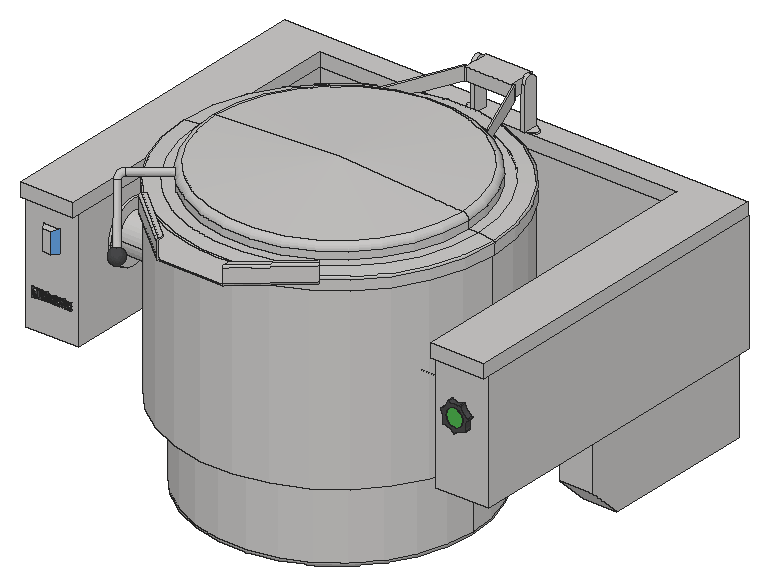
Revit family "QF_ELECTROLUXPROFESSIONAL_587193_PBOT20TWJO", category Attrezzature speciali, Revit 2020
Family settings
  Quota connettore circolare = Usa diametro
  Tipo di parte = Normale
  Basato su piano di lavoro = No
  Sempre verticale = Sì
  Taglio con vuoti quando caricato = No
  Condiviso = No
  Punto di calcolo locali = No
Parameters (values of type "Standard")
  Weight = 360.00 kg
  Watts = 200 W
  Volts = 230 V
  URL Manufacturer = "https://www.electroluxprofessional.com/"
  URL = "https://www.electroluxprofessional.com/"
  Steam Supply Size = 25.4 mm
  Steam Supply Minimum Pressure = 3.28084 Pa
  Steam Supply Maximum Pressure = 4.92126 Pa
  Steam Consumption per Hour = 85
  Refrigeration Suction Line Size = 0.0 mm
  Refrigeration Liquid Line Size = 0.0 mm
  Refrigerant Compressor Remote = yes
  Prospetto di default = 0.0 mm
  Produttore = "Electrolux Professional"
  Phase = 1
  Modello = "PBOT20TWJO"
  Length Actual = 1400.0 mm  # constant formula
  Item Number = "587193"
  Hot Water Size = 12.7 mm
  Height Actual = 400.0 mm  # constant formula
  HP = "0.3 HP"
  Gas Size = 0 mm
  Gas KW = 0
  Gas Input Pressure = 0 W
  Direct Waste Size = 0 mm
  Descrizione = "STEAM (MAN) BOILING PAN, TILTING,200L,230V,WALL,MARINE"
  Depth Actual = 1000.0 mm  # constant formula
  Cycle = 50 Hz
  Condensate Return Size = 25.4 mm
  Compressed Air Volume = 0.0 L/s
  Compressed Air Size = 0 mm
  Compressed Air Pressure = 0.0 Pa
  Cold Water Size = 12.7 mm
  Accessory = yes
Reference planes
  plane 1 "Center (Front/Back)": y = 0
  plane 2: z = 0
  plane 3 "Center (Left/Right)": x = 0
  plane 4 "LEFT": x = -700
  plane 5 "RIGHT": x = 700
  plane 6 "BACK": y = 500
  plane 7 "FRONT": y = -500
  plane 8 "Base": z = 200
  plane 9 "TOP": z = 900
  plane 10: x = -540
  plane 11: x = 540
  plane 12 "Axe_PentolaY": y = -280
  plane 13 "AxePentolaZ": z = 730
  plane 14 "PLANE_TOP": z = 860
  plane 15: y = 430
  plane 16: x = -465
  plane 17 "PentolaH1": z = 970
  plane 18 "PentolaH2": z = 430
  plane 19 "Pentola_H3": z = 160
  plane 20: x = -405
  plane 21: y = -734
  plane 22 "CentroPentolaY": y = -170
  plane 23 "TopCoperchio": z = 1071
  plane 24 "Versamento": z = 1002
  plane 25 "V1": through (-269.804, -566.187, 4000) normal (-0.7071, -0.7071, 0)
  plane 26 "V2": through (187.211, -659.95, 4000) normal (-0.6561, 0.7547, 0)
  plane 27 "Gfront": y = -1400
  plane 28 "LEVEL": through (-433.899, -446.4, 4000) normal (0.6535, 0.7569, 0)
  plane 29 "GRight": x = 250
  plane 30 "GLeft": x = -250
  plane 31: z = 2047
  plane 32 "Ribaltamento": y = -835
  plane 33: x = -620
  plane 34: x = 620
  plane 35 "AttaccoManiglia": z = 1028
  plane 36 "GBack": y = -200
  plane 37: through (0, -170, 4000) normal (0.6157, -0.788, 0)
Forms (mm)
  Revolve 1, solid, material "QF_Finishes_Stainless Steel"
    sketch origin (0, 0, 730) x (-1, 0, 0) y (0, -1, 0)
      loop
        line (540, 280) -> (-540, 280) -> (-540, 190) -> (-530, 190) -> (-530, 222) -> (530, 222) -> (530, 190) -> (540, 190) -> (540, 280)
      axis (540, 280) -> (-540, 280)
    angle from 0 to 360
  Extrusion 2, solid, material "QF_Finishes_Stainless Steel"
    sketch origin (0, 0, 860) x (-1, 0, 0) y (0, -1, 0)
      loop
        line (700, 500) -> (540, 500) -> (540, -430) -> (-540, -430) -> (-540, 500) -> (-700, 500) -> (-700, -500) -> (700, -500) -> (700, 500)
    from 0 to 40
  Extrusion 3, solid, material "QF_Finishes_Stainless Steel"
    sketch origin (0, 0, 860) x (-1, 0, 0) y (0, -1, 0)
      loop
        line (540, -430) -> (-540, -430) -> (-540, -500) -> (540, -500) -> (540, -430)
    from 0 to -360
  Revolve 4, solid, material "QF_Finishes_Stainless Steel"
    sketch origin (0, -170, 0) x (-1, 0, 0) y (0, 0, 1)
      loop
        line (0, 970) -> (0, 160)
        arc (0, 160) -> (194.987, 166.243) -> (389.172, 184.97) r 3042.07
        arc (389.172, 184.97) -> (400.002, 186.598) -> (405, 196.343) r 12
        line (405, 196.343) -> (405, 430) -> (465, 430) -> (465, 970) -> (0, 970)
      axis (0, 970) -> (0, 160)
    angle from 0 to 360
  Revolve 5, solid, material "QF_Finishes_Stainless Steel"
    sketch origin (0, -170, 0) x (-1, 0, 0) y (0, 0, 1)
      loop
        line (470, 970) -> (470, 1000.417)
        arc (470, 1000.417) -> (468.783, 1004.04) -> (465.626, 1006.193) r 6
        line (465.626, 1006.193) -> (421, 1010) -> (390, 1010) -> (390, 1031.999)
        arc (390, 1031.999) -> (384.849, 1045.397) -> (372.049, 1051.894) r 20
        arc (372.049, 1051.894) -> (186.27, 1066.22) -> (0, 1071) r 3631.929
        line (0, 1071) -> (0, 970) -> (470, 970)
      axis (0, 1071) -> (0, 970)
    angle from 0 to 360
  Extrusion 6, solid, material "QF_Finishes_Stainless Steel"
    sketch origin (0, 0, 1002) x (-1, 0, 0) y (0, -1, 0)
      loop
        line (91.591, 734) -> (-92.97, 734) -> (-268.11, 581.753) -> (-253.963, 565.478)
        arc (-253.963, 565.478) -> (0.647, 640) -> (255.051, 564.777) r 470
        line (255.051, 564.777) -> (268.273, 581.464) -> (91.591, 734)
    from 0 to 3
  Sweep 7, solid, material "QF_Finishes_Stainless Steel"
    path origin (0, 0, 1002) x (-1, 0, 0) y (0, -1, 0)
      loop
        line (-83.331, 750.252) -> (-272.008, 586.237)
    profile origin (177.669, -668.244, 1002) x (-0.656059, 0.75471, 0) y (0, 0, 1)
      loop
        arc (0, 6) -> (1.757, 1.757) -> (6, 0) r 6
        line (6, 0) -> (19, 0) -> (19, 3) -> (6, 3)
        arc (6, 3) -> (3.879, 3.879) -> (3, 6) r 3
        line (3, 6) -> (3, 50)
        arc (3, 50) -> (3.879, 52.121) -> (6, 53) r 3
        line (6, 53) -> (19, 53) -> (19, 56) -> (6, 56)
        arc (6, 56) -> (1.757, 54.243) -> (0, 50) r 6
        line (0, 50) -> (0, 6)
  Extrusion 8, solid, material "QF_Finishes_Stainless Steel"
    sketch origin (0, 0, 0) x (0, 1, 0) y (0, 0, 1)
      loop
        line (470, 900) -> (470, 1026.813)
        arc (470, 1026.813) -> (450, 1046.813) -> (430, 1026.813) r 20
        line (430, 1026.813) -> (430, 900) -> (470, 900)
    from -70 to -82
  Extrusion 9, solid, material "QF_Finishes_Stainless Steel"
    sketch origin (0, 0, 900) x (0, 1, 0) y (-1, 0, 0)
      loop
        arc (391.221, 74.165) -> (393.445, 72.322) -> (394.279, 69.557) r 5
        line (394.279, 69.557) -> (394.279, -69.557)
        arc (394.279, -69.557) -> (393.445, -72.322) -> (391.221, -74.165) r 5
        line (391.221, -74.165) -> (185.222, -160.989) -> (181.486, -168.991) -> (394.012, -78.4)
        arc (394.012, -78.4) -> (397.863, -74.931) -> (399.459, -70) r 10
        line (399.459, -70) -> (470, -70) -> (470, 70) -> (399.459, 70)
        arc (399.459, 70) -> (397.863, 74.931) -> (394.012, 78.4) r 10
        line (394.012, 78.4) -> (182.094, 167.719) -> (184.906, 161.122) -> (391.221, 74.165)
    from 102 to 141.895
  Extrusion 10, solid, material "QF_Finishes_Stainless Steel"
    sketch origin (0, 0, 0) x (0, 1, 0) y (0, 0, 1)
      loop
        line (470, 900) -> (470, 1026.813)
        arc (470, 1026.813) -> (450, 1046.813) -> (430, 1026.813) r 20
        line (430, 1026.813) -> (430, 900) -> (470, 900)
    from 70 to 82
  Extrusion 11, solid, material "QF_Finishes_Stainless Steel"
    sketch origin (0, 0, 900) x (0, 1, 0) y (-1, 0, 0)
      loop
        arc (441.973, -103.927) -> (450, -108.689) -> (458.027, -103.927) r 9.146
        line (458.027, -103.927) -> (470, -82) -> (430, -82) -> (441.973, -103.927)
      loop
        line (441.973, 103.927) -> (430, 82) -> (470, 82) -> (458.027, 103.927)
        arc (458.027, 103.927) -> (450, 108.689) -> (441.973, 103.927) r 9.146
    from 0 to 3
  Extrusion 12, solid, material "QF_Door-Drawer Clearances", detail levels coarse
    sketch origin (0, 0, 0) x (0, 1, 0) y (0, 0, 1)
      loop
        line (-734, 1008) -> (-734, 1058)
        arc (-734, 1058) -> (-830.288, 669.084) -> (-635, 319.241) r 545.673
        line (-635, 319.241) -> (-635, 970) -> (-640, 970) -> (-640, 1002) -> (-729.757, 1002)
        spline (-729.757, 1002) -> (-730.311, 1002.051) -> (-730.855, 1002.204) -> (-731.381, 1002.457) -> (-731.879, 1002.804) -> (-732.34, 1003.24) -> (-732.757, 1003.757) -> (-733.123, 1004.347) -> (-733.432, 1005) -> (-733.677, 1005.704) -> (-733.855, 1006.447) -> (-733.964, 1007.217) -> (-734, 1008)
    from -100 to 100
  Extrusion 13, void
    sketch origin (0, 0, 1002) x (-1, 0, 0) y (0, -1, 0)
      loop
        line (-100, 734) -> (100, 734) -> (100, 751.601) -> (-100, 751.601) -> (-100, 734)
    from 0 to 71
  Extrusion 14, solid, material "QF_Door-Drawer Clearances", detail levels coarse
    sketch origin (0, 0, 0) x (0, 1, 0) y (0, 0, 1)
      loop
        line (470, 1026.813) -> (470, 1056.062) -> (390.735, 1353.963)
        arc (390.735, 1353.963) -> (344.187, 1589.928) -> (267.311, 1817.823) r 1843.263
        line (267.311, 1817.823) -> (206.507, 2046.341)
        arc (206.507, 2046.341) -> (-460.593, 1748.224) -> (-734, 1070.62) r 976.38
        line (-734, 1070.62) -> (-734, 1056.062) -> (-450, 1056.062)
        arc (-450, 1056.062) -> (-169.5, 1072.082) -> (111, 1056.062) r 2463.707
        line (111, 1056.062) -> (220, 1056.062) -> (220, 1012.644) -> (430, 1012.644) -> (430, 1026.813)
        arc (430, 1026.813) -> (450, 1046.813) -> (470, 1026.813) r 20
    from -100 to 100
  Sweep 15, solid, material "QF_Finishes_Stainless Steel"
    path origin (0, 0, 1002) x (1, 0, 0) y (0, -1, 0)
      loop
        line (-83.331, 750.252) -> (-272.008, 586.237)
    profile origin (-177.669, -668.244, 1002) x (-0.656059, -0.75471, 0) y (0, 0, 1)
      loop
        line (0, 6) -> (0, 50)
        arc (0, 50) -> (-1.757, 54.243) -> (-6, 56) r 6
        line (-6, 56) -> (-19, 56) -> (-19, 53) -> (-6, 53)
        arc (-6, 53) -> (-3.879, 52.121) -> (-3, 50) r 3
        line (-3, 50) -> (-3, 6)
        arc (-3, 6) -> (-3.879, 3.879) -> (-6, 3) r 3
        line (-6, 3) -> (-19, 3) -> (-19, 0) -> (-6, 0)
        arc (-6, 0) -> (-1.757, 1.757) -> (0, 6) r 6
  Extrusion 16, void
    sketch origin (0, 0, 1002) x (-1, 0, 0) y (0, -1, 0)
      loop
        line (100, 710.586) -> (100, 733.997) -> (-100, 733.997) -> (-100, 710.586) -> (100, 710.586)
    from 0 to 56
Cuts and joins
  Extrusion 13 cuts Extrusion 6
  Extrusion 13, Extrusion 16 cuts Sweep 7
  Extrusion 13, Extrusion 16 cuts Sweep 15
  joined: Extrusion 6, Sweep 7, Sweep 15
  Extrusion 13 cuts Extrusion 12
Lines and regions (mm)
  symbolic lines
    curve 1: line (700, 500, 900) -> (-700, 500, 900)
    curve 2: line (700, -500, 900) -> (700, 500, 900)
    curve 3: line (-700, 500, 900) -> (-700, -500, 900)
    curve 4: line (-700, -500, 900) -> (-540, -500, 900)
    curve 5: line (-540, -500, 900) -> (-540, 430, 900)
    curve 6: line (540, 430, 900) -> (540, -500, 900)
    curve 7: line (540, -500, 900) -> (700, -500, 900)
    curve 8: line (-530, -190, 900) -> (-530, -370, 900)
    curve 9: line (-530, -190, 900) -> (-540, -190, 900)
    curve 10: line (-530, -370, 900) -> (-540, -370, 900)
    curve 11: line (530, -190, 900) -> (540, -190, 900)
    curve 12: line (530, -370, 900) -> (540, -370, 900)
    curve 13: line (-70, 399.459, 900) -> (-70, 470, 900)
    curve 14: line (-82, 470, 900) -> (82, 470, 900)
    curve 15: line (70, 470, 900) -> (70, 399.459, 900)
    curve 16: line (272.008, -586.237, 900) -> (102.026, -734, 900)
    curve 17: line (-103.927, 441.973, 900) -> (-82, 430, 900)
    curve 18: arc (-103.927, 458.027, 900) -> (-108.689, 450, 900) -> (-103.927, 441.973, 900) r 9.146
    curve 19: line (-82, 470, 900) -> (-103.927, 458.027, 900)
    curve 20: line (-82, 470, 900) -> (-82, 430, 900)
    curve 21: line (82, 430, 900) -> (82, 470, 900)
    curve 22: line (103.927, 458.027, 900) -> (82, 470, 900)
    curve 23: arc (103.927, 441.973, 900) -> (108.689, 450, 900) -> (103.927, 458.027, 900) r 9.146
    curve 24: line (82, 430, 900) -> (103.927, 441.973, 900)
    curve 29: line (-540, 430, 900) -> (-70, 430, 900)
    curve 30: line (540, 430, 900) -> (70, 430, 900)
    curve 31: line (-530, -222, 900) -> (-467.115, -222, 900)
    curve 32: line (-530, -338, 900) -> (-438.949, -338, 900)
    curve 33: line (530, -222, 900) -> (466.676, -222, 900)
    curve 53: line (530, -338, 900) -> (439.209, -338, 900)
    curve 55: line (530, -370, 1002) -> (530, -190, 1002)
    curve 56: circle (0, -170, 1002) r 427.847 normal (0, 0, 1)
    curve 57: arc (-70, 399.459, 1002) -> (-74.931, 397.863, 1002) -> (-78.4, 394.012, 1002) r 10
    curve 58: arc (-74.165, 391.221, 1002) -> (-72.322, 393.445, 1002) -> (-69.557, 394.279, 1002) r 5
    curve 59: arc (69.557, 394.279, 1002) -> (72.322, 393.445, 1002) -> (74.165, 391.221, 1002) r 5
    curve 60: arc (78.4, 394.012, 1002) -> (74.931, 397.863, 1002) -> (70, 399.459, 1002) r 10
    curve 61: line (-69.557, 394.279, 1002) -> (69.557, 394.279, 1002)
    curve 62: line (-160.989, 185.222, 1002) -> (-74.165, 391.221, 1002)
    curve 63: line (-78.4, 394.012, 1002) -> (-167.719, 182.094, 1002)
    curve 64: line (74.165, 391.221, 1002) -> (160.989, 185.222, 1002)
    curve 65: line (168.991, 181.486, 1002) -> (78.4, 394.012, 1002)
    curve 66: arc (470, -170, 1002) -> (0, 300, 1002) -> (-470, -170, 1002) r 470
    curve 67: circle (0, -170, 1002) r 390 normal (0, 0, 1)
    curve 68: arc (-470, -170, 1002) -> (-445.318, -320.307, 1002) -> (-373.864, -454.826, 1002) r 470
    curve 69: line (-255.051, -564.777, 1002) -> (-272.008, -586.237, 1002)
    curve 70: line (272.008, -586.237, 1002) -> (253.963, -565.478, 1002)
    curve 71: line (-272.008, -586.237, 1002) -> (-100, -734.738, 1002)
    curve 72: line (-260.216, -571.313, 1002) -> (-100, -710.586, 1002)
    curve 73: line (259.543, -571.897, 1002) -> (100, -710.586, 1002)
    curve 74: line (-100, -710.586, 1002) -> (-100, -734.738, 1002)
    curve 75: line (100, -710.586, 1002) -> (100, -733.997, 1002)
    curve 76: arc (-362.785, -468.809, 1002) -> (158.731, -612.385, 1002) -> (470, -170, 1002) r 470
  symbolic lines, style "SpecialityEquipmentHiddenLines"
    curve 25: line (-250, -1400, 900) -> (250, -1400, 900)
    curve 26: line (-250, -200, 900) -> (-250, -1400, 900)
    curve 27: line (250, -1400, 900) -> (250, -200, 900)
    curve 50: line (0, -1265.484, 900) -> (0, -1235.484, 900)
    curve 51: line (-15, -1250.484, 900) -> (15, -1250.484, 900)
    curve 54: line (250, -200, 1002) -> (-250, -200, 1002)
  symbolic lines, style "SpecialityEquipment"
    curve 28: circle (0, -1250.484, 900) r 15 normal (0, 0, 1)
    curve 34: line (210, -1400, 900) -> (210, -1200, 900)
    curve 35: line (170, -1400, 900) -> (170, -1240, 900)
    curve 36: line (130, -1400, 900) -> (130, -1280, 900)
    curve 37: line (90, -1400, 900) -> (90, -1320, 900)
    curve 38: line (90, -1360, 900) -> (250, -1360, 900)
    curve 39: line (130, -1320, 900) -> (250, -1320, 900)
    curve 40: line (170, -1280, 900) -> (250, -1280, 900)
    curve 41: line (210, -1240, 900) -> (250, -1240, 900)
    curve 42: line (-210, -1400, 900) -> (-210, -1200, 900)
    curve 43: line (-170, -1400, 900) -> (-170, -1240, 900)
    curve 44: line (-130, -1400, 900) -> (-130, -1280, 900)
    curve 45: line (-90, -1400, 900) -> (-90, -1320, 900)
    curve 46: line (-90, -1360, 900) -> (-250, -1360, 900)
    curve 47: line (-130, -1320, 900) -> (-250, -1320, 900)
    curve 48: line (-170, -1280, 900) -> (-250, -1280, 900)
    curve 49: line (-210, -1240, 900) -> (-250, -1240, 900)
    curve 52: line (-100.772, -734, 900) -> (102.026, -734, 900)
Dimensions and locks
  plane 4 "LEFT" to plane 5 "RIGHT" = 1400.0 mm
  equal spacing: plane 4 "LEFT", plane 3 "Center (Left/Right)", plane 5 "RIGHT"
  equal spacing: plane 6 "BACK", plane 1 "Center (Front/Back)", plane 7 "FRONT"
  plane 6 "BACK" to plane 7 "FRONT" = 1000.0 mm
  plane 8 "Base" to level = 200.0 mm
  plane 9 "TOP" to level = 900.0 mm
  plane 9 "TOP" to plane 8 "Base" = 700.0 mm
  locked: plane 4 "LEFT" to plane 10 at 160
  locked: plane 11 to plane 5 "RIGHT" at 160
  locked: plane 6 "BACK" to plane 12 "Axe_PentolaY" at 780
  locked: plane 13 "AxePentolaZ" to plane 8 "Base" at 530
  locked: Revolve 1 sketch curve to Revolve 1 sketch curve at 58
  locked: Revolve 1 sketch curve to Revolve 1 sketch curve at 90
  locked: plane 10 to Revolve 1 sketch curve at 10
  locked: Revolve 1 sketch curve to plane 11 at 10
  locked: plane 9 "TOP" to plane 14 "PLANE_TOP" at 40
  plane 6 "BACK" to plane 15 = 70.0 mm
  locked: plane 17 "PentolaH1" to plane 13 "AxePentolaZ" at 240
  locked: plane 13 "AxePentolaZ" to plane 18 "PentolaH2" at 300
  locked: plane 18 "PentolaH2" to plane 19 "Pentola_H3" at 270
  locked: plane 3 "Center (Left/Right)" to plane 16 at 465
  locked: plane 3 "Center (Left/Right)" to plane 20 at 405
  Revolve 5 sketch curve to plane 17 "PentolaH1" = 40.0 mm
  locked: plane 16 to Revolve 5 sketch curve at 5
  plane 6 "BACK" to plane 21 = 1234.0 mm
  locked: plane 6 "BACK" to plane 22 "CentroPentolaY" at 670
  locked: plane 23 "TopCoperchio" to plane 9 "TOP" at 171
  locked: plane 24 "Versamento" to level at 1002
  plane 6 "BACK" to plane 27 "Gfront" = 1900.0 mm
  locked: plane 30 "GLeft" to plane 3 "Center (Left/Right)" at 250
  locked: plane 3 "Center (Left/Right)" to plane 29 "GRight" at 250
  plane 31 to plane 9 "TOP" = 1147.0 mm
  plane 6 "BACK" to plane 32 "Ribaltamento" = 1335.0 mm
  equal spacing: plane 10, plane 33, plane 4 "LEFT"
  equal spacing: plane 5 "RIGHT", plane 34, plane 11
  locked: plane 35 "AttaccoManiglia" to level at 1028
  plane 6 "BACK" to plane 36 "GBack" = 700.0 mm
  aligned and locked: level to plane 2
  aligned and locked: plane 5 "RIGHT" to nested 2
  aligned and locked: plane 4 "LEFT" to nested 1
  aligned and locked: plane 6 "BACK" to nested 2
  aligned and locked: plane 6 "BACK" to nested 1
  aligned and locked: plane 10 to Revolve 1 sketch curve
  aligned and locked: plane 11 to Revolve 1 sketch curve
  aligned and locked: plane 4 "LEFT" to Extrusion 2 sketch curve
  aligned and locked: Extrusion 2 sketch curve to plane 10
  aligned and locked: plane 7 "FRONT" to Extrusion 2 sketch curve  (x2)
  aligned and locked: Extrusion 2 sketch curve to plane 5 "RIGHT"
  aligned and locked: plane 11 to Extrusion 2 sketch curve
  aligned and locked: Extrusion 2 sketch curve to plane 6 "BACK"
  aligned and locked: plane 15 to Extrusion 2 sketch curve
  aligned and locked: Extrusion 3 sketch curve to plane 10
  aligned and locked: plane 6 "BACK" to Extrusion 3 sketch curve
  aligned and locked: plane 11 to Extrusion 3 sketch curve
  aligned and locked: Extrusion 3 sketch curve to plane 15
  aligned and locked: plane 3 "Center (Left/Right)" to Revolve 4 sketch curve
  aligned and locked: Revolve 4 sketch curve to plane 20
  aligned and locked: Revolve 4 sketch curve to plane 18 "PentolaH2"
  aligned and locked: Revolve 4 sketch curve to plane 16
  aligned and locked: plane 17 "PentolaH1" to Revolve 4 sketch curve
  aligned and locked: Revolve 5 sketch curve to plane 17 "PentolaH1"
  aligned and locked: Extrusion 8 sketch curve to plane 15
  aligned and locked: Extrusion 8 sketch curve to Extrusion 2
  aligned and locked: curve 25 to plane 27 "Gfront"
  aligned and locked: curve 26 to plane 30 "GLeft"
  aligned and locked: plane 29 "GRight" to curve 27
  aligned and locked: plane 36 "GBack" to curve 54
Automatic sketch dimensions
  plane 12 "Axe_PentolaY" to Revolve 1 sketch curve = 0.0 mm
  Revolve 1 sketch curve to plane 12 "Axe_PentolaY" = 0.0 mm
  plane 36 "GBack" to Revolve 1 sketch curve = 10.0 mm
  plane 5 "RIGHT" to Revolve 1 sketch curve = 432.098 mm
  Revolve 1 sketch curve to plane 4 "LEFT" = 580.148 mm
  Revolve 4 sketch curve to plane 3 "Center (Left/Right)" = 0.0 mm
  Revolve 4 sketch curve to plane 19 "Pentola_H3" = 0.0 mm
  Revolve 4 sketch curve to plane 3 "Center (Left/Right)" = 0.201 mm
  Revolve 4 sketch curve to plane 8 "Base" = 3.657 mm
  Revolve 4 sketch curve to Revolve 4 sketch curve = 12.0 mm
  plane 31 to Revolve 4 sketch curve = 1155.07 mm
  level to Revolve 4 sketch curve = 60.0 mm
  plane 23 "TopCoperchio" to Revolve 4 sketch curve = 179.0 mm
  Extrusion 6 sketch curve to plane 21 = 0.0 mm
  Extrusion 6 sketch curve to plane 3 "Center (Left/Right)" = 0.0 mm
  plane 28 "LEVEL" to Extrusion 6 sketch curve = 6.0 mm  (x2)
  Extrusion 6 sketch curve to plane 22 "CentroPentolaY" = 0.0 mm
  plane 3 "Center (Left/Right)" to Extrusion 6 sketch curve = 92.97 mm
  plane 29 "GRight" to Extrusion 6 sketch curve = 3.963 mm
  plane 29 "GRight" to Extrusion 6 sketch curve = 18.11 mm
  Extrusion 6 sketch curve to plane 30 "GLeft" = 5.051 mm
  Extrusion 6 sketch curve to plane 30 "GLeft" = 18.273 mm
  Extrusion 6 sketch curve to Extrusion 6 sketch curve = 16.687 mm
  Sweep 7 sketch curve to plane 26 "V2" = 0.0 mm  (x2)
  plane 29 "GRight" to Sweep 7 sketch curve = 22.008 mm
  Sweep 7 sketch curve to plane 21 = 16.252 mm
  Sweep 7 sketch curve to Sweep 7 sketch curve = 0.0 mm  (x4)
  Sweep 7 sketch curve to profile plane = 0.0 mm
  plane 24 "Versamento" to Sweep 7 sketch curve = 0.0 mm
  Sweep 7 sketch curve to Sweep 7 sketch curve = 3.0 mm  (x2)
  Sweep 7 sketch curve to profile plane = 6.0 mm
  Sweep 7 sketch curve to Sweep 7 sketch curve = 13.0 mm  (x2)
  Sweep 7 sketch curve to Sweep 7 sketch curve = 44.0 mm
  Extrusion 8 sketch curve to plane 35 "AttaccoManiglia" = 1.187 mm
  Extrusion 8 sketch curve to Extrusion 8 sketch curve = 20.0 mm
  Extrusion 10 sketch curve to plane 9 "TOP" = 0.0 mm
  Extrusion 10 sketch curve to plane 15 = 0.0 mm
  Extrusion 10 sketch curve to plane 35 "AttaccoManiglia" = 1.187 mm
  Extrusion 10 sketch curve to Extrusion 10 sketch curve = 20.0 mm
  Extrusion 11 sketch curve to plane 15 = 0.0 mm  (x2)
  plane 15 to Extrusion 11 sketch curve = 11.973 mm  (x2)
  Extrusion 11 sketch curve to Extrusion 11 sketch curve = 8.027 mm  (x4)
  Extrusion 11 sketch curve to Extrusion 11 sketch curve = 11.973 mm  (x2)
  plane 3 "Center (Left/Right)" to Extrusion 11 sketch curve = 103.927 mm
  Extrusion 11 sketch curve to Extrusion 11 sketch curve = 4.383 mm  (x2)
  Extrusion 11 sketch curve to Extrusion 11 sketch curve = 21.927 mm
  Extrusion 11 sketch curve to plane 3 "Center (Left/Right)" = 82.0 mm
  Extrusion 11 sketch curve to Extrusion 11 sketch curve = 17.543 mm
  Extrusion 13 sketch curve to plane 21 = 0.0 mm
  plane 26 "V2" to Extrusion 13 sketch curve = 132.541 mm
  Extrusion 13 sketch curve to plane 25 "V1" = 142.829 mm
  Extrusion 13 sketch curve to plane 21 = 17.601 mm
  plane 30 "GLeft" to Sweep 15 sketch curve = 22.008 mm
  plane 7 "FRONT" to Sweep 15 sketch curve = 86.237 mm
  plane 21 to Sweep 15 sketch curve = 16.252 mm
  plane 3 "Center (Left/Right)" to Sweep 15 sketch curve = 83.331 mm
  Sweep 15 sketch curve to Sweep 15 sketch curve = 0.0 mm  (x4)
  plane 24 "Versamento" to Sweep 15 sketch curve = 0.0 mm
  Sweep 15 sketch curve to profile plane = 0.0 mm
  profile plane to Sweep 15 sketch curve = 3.0 mm
  Sweep 15 sketch curve to Sweep 15 sketch curve = 3.0 mm  (x2)
  Sweep 15 sketch curve to Sweep 15 sketch curve = 13.0 mm  (x2)
  Sweep 15 sketch curve to Sweep 15 sketch curve = 44.0 mm
  Revolve 5 sketch curve to plane 3 "Center (Left/Right)" = 0.0 mm  (x2)
  Revolve 5 sketch curve to plane 23 "TopCoperchio" = 0.0 mm
  plane 35 "AttaccoManiglia" to Revolve 5 sketch curve = 3.999 mm
  plane 20 to Revolve 5 sketch curve = 35.0 mm
  plane 20 to Revolve 5 sketch curve = 15.0 mm
  Revolve 5 sketch curve to plane 20 = 16.0 mm
  plane 16 to Revolve 5 sketch curve = 1.0 mm
  Revolve 5 sketch curve to plane 16 = 0.626 mm
  Revolve 5 sketch curve to level = 2560.929 mm
  Revolve 5 sketch curve to plane 24 "Versamento" = 1.583 mm
  Revolve 5 sketch curve to plane 18 "PentolaH2" = 95.0 mm
  Revolve 5 sketch curve to Revolve 5 sketch curve = 179.0 mm
  plane 30 "GLeft" to Extrusion 9 sketch curve = 82.281 mm
  Extrusion 9 sketch curve to plane 1 "Center (Front/Back)" = 182.094 mm
  plane 30 "GLeft" to Extrusion 9 sketch curve = 88.878 mm
  Extrusion 9 sketch curve to Extrusion 9 sketch curve = 2.812 mm
  Extrusion 9 sketch curve to plane 15 = 40.721 mm  (x2)
  Extrusion 9 sketch curve to Extrusion 9 sketch curve = 0.194 mm  (x2)
  Extrusion 9 sketch curve to Extrusion 9 sketch curve = 1.748 mm  (x2)
  Extrusion 9 sketch curve to Extrusion 9 sketch curve = 2.792 mm  (x2)
  Extrusion 9 sketch curve to Extrusion 9 sketch curve = 4.806 mm
  Extrusion 9 sketch curve to Extrusion 9 sketch curve = 5.181 mm  (x2)
  Extrusion 9 sketch curve to plane 6 "BACK" = 30.0 mm
  Extrusion 9 sketch curve to plane 3 "Center (Left/Right)" = 78.4 mm
  Extrusion 9 sketch curve to Extrusion 9 sketch curve = 4.235 mm
  Extrusion 9 sketch curve to plane 3 "Center (Left/Right)" = 70.0 mm
  plane 3 "Center (Left/Right)" to Extrusion 9 sketch curve = 69.49 mm
  Extrusion 9 sketch curve to Extrusion 9 sketch curve = 0.067 mm
  plane 3 "Center (Left/Right)" to Extrusion 9 sketch curve = 70.0 mm
  Extrusion 9 sketch curve to plane 1 "Center (Front/Back)" = 181.486 mm
  Extrusion 9 sketch curve to plane 29 "GRight" = 81.009 mm
  Extrusion 9 sketch curve to Extrusion 9 sketch curve = 3.736 mm
  Extrusion 9 sketch curve to plane 29 "GRight" = 89.011 mm
  Extrusion 12 sketch curve to plane 21 = 0.0 mm
  Extrusion 12 sketch curve to plane 24 "Versamento" = 0.0 mm
  Extrusion 12 sketch curve to plane 17 "PentolaH1" = 0.0 mm
  plane 21 to Extrusion 12 sketch curve = 4.243 mm
  plane 21 to Extrusion 12 sketch curve = 94.0 mm
  Extrusion 12 sketch curve to Extrusion 12 sketch curve = 5.0 mm
  Extrusion 12 sketch curve to plane 12 "Axe_PentolaY" = 9.45 mm
  plane 13 "AxePentolaZ" to Extrusion 12 sketch curve = 11.561 mm
  plane 24 "Versamento" to Extrusion 12 sketch curve = 6.0 mm
  plane 8 "Base" to Extrusion 12 sketch curve = 119.241 mm
  Extrusion 14 sketch curve to plane 21 = 0.0 mm
  Extrusion 14 sketch curve to plane 15 = 0.0 mm
  Extrusion 14 sketch curve to plane 27 "Gfront" = 37.099 mm
  Extrusion 14 sketch curve to plane 23 "TopCoperchio" = 14.938 mm  (x3)
  plane 7 "FRONT" to Extrusion 14 sketch curve = 50.0 mm
  plane 22 "CentroPentolaY" to Extrusion 14 sketch curve = 0.5 mm
  Extrusion 14 sketch curve to plane 31 = 0.659 mm
  Extrusion 14 sketch curve to plane 23 "TopCoperchio" = 0.38 mm
  Extrusion 14 sketch curve to Extrusion 14 sketch curve = 22.38 mm
  Extrusion 14 sketch curve to plane 35 "AttaccoManiglia" = 1.187 mm
  Extrusion 14 sketch curve to Extrusion 14 sketch curve = 20.0 mm
  plane 24 "Versamento" to Extrusion 14 sketch curve = 10.644 mm
  Extrusion 14 sketch curve to level = 1391.625 mm
  plane 23 "TopCoperchio" to Extrusion 14 sketch curve = 44.965 mm
  Extrusion 14 sketch curve to plane 15 = 162.689 mm
  Extrusion 14 sketch curve to plane 15 = 39.265 mm
  Extrusion 14 sketch curve to plane 1 "Center (Front/Back)" = 206.507 mm
  plane 23 "TopCoperchio" to Extrusion 14 sketch curve = 282.963 mm
  curve 56 to curve 67 = 0.0 mm
  curve 56 to curve 68 = 0.0 mm
  curve 66 to curve 67 = 0.0 mm
  curve 67 to curve 68 = 0.0 mm
  curve 66 to plane 22 "CentroPentolaY" = 0.0 mm
  curve 70 to plane 26 "V2" = 0.0 mm
  curve 54 to plane 29 "GRight" = 0.0 mm
  curve 56 to plane 3 "Center (Left/Right)" = 0.0 mm
  curve 54 to plane 30 "GLeft" = 0.0 mm
  curve 65 to plane 15 = 35.988 mm
  plane 3 "Center (Left/Right)" to curve 65 = 78.4 mm
  curve 60 to curve 64 = 4.235 mm
  curve 59 to curve 59 = 4.607 mm
  curve 59 to curve 60 = 0.067 mm
  curve 57 to plane 3 "Center (Left/Right)" = 69.49 mm
  curve 57 to curve 61 = 0.067 mm
  curve 62 to plane 15 = 38.779 mm
  curve 57 to curve 62 = 4.675 mm
  curve 63 to plane 15 = 35.988 mm
  curve 62 to curve 63 = 4.235 mm
  plane 21 to curve 72 = 23.414 mm
  curve 72 to plane 3 "Center (Left/Right)" = 100.0 mm
  curve 69 to plane 30 "GLeft" = 22.008 mm
  curve 61 to curve 62 = 3.058 mm
  curve 60 to curve 64 = 2.792 mm
  curve 57 to curve 58 = 0.194 mm
  curve 60 to curve 59 = 0.194 mm
  curve 71 to plane 7 "FRONT" = 86.237 mm
  curve 74 to plane 21 = 0.738 mm
  plane 29 "GRight" to curve 70 = 3.963 mm
  curve 73 to curve 70 = 5.58 mm
  curve 70 to curve 73 = 12.465 mm
  curve 55 to plane 11 = 10.0 mm
  curve 65 to plane 29 "GRight" = 81.009 mm
  curve 65 to curve 64 = 8.002 mm
  plane 21 to curve 75 = 0.003 mm
  plane 3 "Center (Left/Right)" to curve 75 = 100.0 mm
  plane 21 to curve 73 = 23.414 mm
  curve 60 to curve 61 = 0.443 mm
  curve 61 to curve 57 = 0.443 mm
  plane 30 "GLeft" to curve 62 = 89.011 mm
  curve 62 to curve 63 = 6.73 mm
  curve 69 to plane 30 "GLeft" = 5.051 mm
  curve 69 to curve 72 = 5.164 mm
  curve 64 to plane 1 "Center (Front/Back)" = 185.222 mm
  plane 36 "GBack" to curve 55 = 10.0 mm
  curve 55 to plane 12 "Axe_PentolaY" = 90.0 mm
  plane 21 to Extrusion 16 sketch curve = 23.414 mm
  plane 3 "Center (Left/Right)" to Extrusion 16 sketch curve = 100.0 mm
  plane 21 to Extrusion 16 sketch curve = 0.003 mm
  Extrusion 16 sketch curve to plane 3 "Center (Left/Right)" = 100.0 mm
  curve 56 to curve 66 = 0.0 mm
  curve 56 to curve 76 = 0.0 mm
  plane 7 "FRONT" to curve 76 = 31.191 mm
  curve 76 to curve 68 = 11.079 mm
  curve 50 to plane 3 "Center (Left/Right)" = 0.0 mm
  curve 28 to plane 3 "Center (Left/Right)" = 0.0 mm
  curve 52 to plane 21 = 0.0 mm
  curve 16 to plane 26 "V2" = 0.0 mm
  curve 6 to plane 7 "FRONT" = 0.0 mm
  curve 4 to plane 4 "LEFT" = 0.0 mm
  curve 4 to plane 7 "FRONT" = 0.0 mm
  curve 10 to plane 10 = 0.0 mm
  curve 12 to plane 11 = 0.0 mm
  curve 27 to plane 36 "GBack" = 0.0 mm
  curve 26 to plane 36 "GBack" = 0.0 mm
  curve 6 to plane 15 = 0.0 mm
  curve 29 to plane 15 = 0.0 mm
  curve 2 to plane 5 "RIGHT" = 0.0 mm
  curve 2 to plane 6 "BACK" = 0.0 mm
  curve 52 to plane 26 "V2" = 0.0 mm
  plane 28 "LEVEL" to curve 52 = 0.0 mm
  plane 27 "Gfront" to curve 28 = 149.516 mm
  plane 10 to curve 10 = 10.0 mm
  curve 10 to plane 12 "Axe_PentolaY" = 90.0 mm
  plane 36 "GBack" to curve 9 = 10.0 mm
  plane 15 to curve 24 = 11.973 mm
  plane 15 to curve 17 = 11.973 mm
  curve 23 to curve 23 = 8.027 mm
  curve 18 to curve 18 = 8.027 mm
  curve 23 to curve 22 = 8.027 mm
  curve 18 to curve 19 = 8.027 mm
  curve 22 to curve 14 = 11.973 mm
  plane 3 "Center (Left/Right)" to curve 24 = 103.927 mm
  curve 22 to curve 23 = 4.383 mm
  curve 22 to curve 22 = 21.927 mm
  curve 14 to plane 3 "Center (Left/Right)" = 82.0 mm
  curve 14 to curve 18 = 17.543 mm
  curve 18 to curve 19 = 4.383 mm
  curve 25 to curve 46 = 40.0 mm
  curve 25 to curve 38 = 40.0 mm
  curve 38 to curve 39 = 40.0 mm
  curve 46 to curve 45 = 40.0 mm
  curve 47 to curve 45 = 0.0 mm
  curve 37 to curve 39 = 0.0 mm
  curve 47 to curve 48 = 40.0 mm
  curve 39 to curve 40 = 40.0 mm
  curve 36 to curve 40 = 0.0 mm
  curve 48 to curve 44 = 0.0 mm
  curve 50 to curve 28 = 15.0 mm
  curve 28 to curve 51 = 0.0 mm
  curve 40 to curve 41 = 40.0 mm
  curve 48 to curve 49 = 40.0 mm
  curve 49 to curve 43 = 0.0 mm
  curve 35 to curve 41 = 0.0 mm
  curve 41 to curve 34 = 40.0 mm
  curve 49 to curve 42 = 40.0 mm
  plane 29 "GRight" to curve 16 = 22.008 mm
  curve 12 to plane 11 = 10.0 mm
  curve 12 to plane 12 "Axe_PentolaY" = 90.0 mm
  curve 53 to plane 11 = 10.0 mm
  curve 12 to curve 53 = 32.0 mm
  plane 16 to curve 32 = 26.051 mm
  curve 32 to plane 12 "Axe_PentolaY" = 58.0 mm
  curve 31 to plane 36 "GBack" = 22.0 mm
  curve 33 to plane 36 "GBack" = 22.0 mm
  plane 36 "GBack" to curve 11 = 10.0 mm
  curve 15 to plane 15 = 30.541 mm
  curve 13 to plane 15 = 30.541 mm
  curve 11 to plane 11 = 10.0 mm
  curve 33 to plane 11 = 10.0 mm
  curve 33 to curve 33 = 63.324 mm
  curve 53 to curve 53 = 90.791 mm
  curve 34 to plane 29 "GRight" = 40.0 mm
  curve 41 to curve 40 = 40.0 mm
  curve 40 to curve 39 = 40.0 mm
  curve 36 to curve 38 = 40.0 mm
  curve 21 to curve 30 = 12.0 mm
  curve 13 to curve 17 = 12.0 mm
  curve 45 to plane 3 "Center (Left/Right)" = 90.0 mm
  curve 45 to curve 44 = 40.0 mm
  curve 44 to curve 48 = 40.0 mm
  curve 43 to curve 49 = 40.0 mm
  curve 31 to plane 16 = 2.115 mm
  radius of curve 56 = 427.847 mm
Nested families
  nested 1: "QF_ELECTROLUXPROFESSIONAL_PBOTS1000H400_LEFT" at (-620, 0, 0), type "QF_ELECTROLUXPROFESSIONAL_PBOTS1000H400_LEFT"
    with Body Finish QF_Finishes_Stainless Steel
  nested 2: "QF_ELECTROLUXPROFESSIONAL_PBOTSMAN1000H400_RIGHT" at (620, 0, 0), type "QF_ELECTROLUXPROFESSIONAL_PBOTSMAN1000H400_RIGHT"
    with Body Finish QF_Finishes_Stainless Steel
  nested 3: "QF_ELECTROLUXPROFESSIONAL_PBOT1000_LEVEL1" at (-331.753, -433.409, 1028) x (0.788, 0.6157, 0) z (0, 0, 1), type "QF_ELECTROLUXPROFESSIONAL_PBOT1000_LEVEL1"
Connectors
  piping at (-650, 503, 395), diameter 12.7, driven by "Hot Water Size"
    settings: on nested 1, index 1, connector inside diameter 609.6 mm, connector length 0.0 mm, flow factor 0, pipe flow 0.0 L/s, pressure drop 0.0 Pa, fitting loss kfactor 0, connector angle 0.00°, fixture units 0, engagement length 0.0 mm, angle of deflection 0.00°, flow configuration 1, flow direction 1, fitting loss method 0, system type 19, joint type 0, gender type 0, connector reference index -1, connector utility 0, adjustable connector no, is connector primary yes, connector description "Hot Water Inlet"
  piping at (-590, 503, 395), diameter 12.7, driven by "Cold Water Size"
    settings: on nested 1, index 2, connector inside diameter 609.6 mm, connector length 0.0 mm, flow factor 0, pipe flow 0.0 L/s, pressure drop 0.0 Pa, fitting loss kfactor 0, connector angle 0.00°, fixture units 0, engagement length 0.0 mm, angle of deflection 0.00°, flow configuration 1, flow direction 1, fitting loss method 0, system type 20, joint type 0, gender type 0, connector reference index -1, connector utility 0, adjustable connector no, is connector primary no, connector description "Cold Water Inlet"
  electrical at (620, 500, 450), driven by "Volts"
    settings: on nested 2, index 3, voltage 230 V, apparent load 0 VA, apparent load phase1 0 VA, apparent load phase2 0 VA, apparent load phase3 0 VA, power factor 1, load classification "Other", number of poles 1, system type 30, power factor state 1, is connector primary yes, connector utility no, sub classification motor no, connector description "Electrical Connection"
  piping at (-620, 503, 340), diameter 25.4
    settings: on nested 1, index 4, connector inside diameter 609.6 mm, connector length 0.0 mm, flow factor 0, pipe flow 0.0 L/s, pressure drop 0.0 Pa, fitting loss kfactor 0, connector angle 0.00°, fixture units 0, engagement length 0.0 mm, angle of deflection 0.00°, flow configuration 1, flow direction 2, fitting loss method 0, system type 8, joint type 0, gender type 0, connector reference index -1, connector utility 0, adjustable connector no, is connector primary no, connector description "Steam Outlet"
  piping at (620, 503, 340), diameter 25.4
    settings: on nested 2, index 5, connector inside diameter 609.6 mm, connector length 0.0 mm, flow factor 0, pipe flow 0.0 L/s, pressure drop 0.0 Pa, fitting loss kfactor 0, connector angle 0.00°, fixture units 0, engagement length 0.0 mm, angle of deflection 0.00°, flow configuration 1, flow direction 1, fitting loss method 0, system type 7, joint type 0, gender type 0, connector reference index -1, connector utility 0, adjustable connector no, is connector primary no, connector description "Steam Inlet"
Definition of nested family "QF_ELECTROLUXPROFESSIONAL_PBOTS1000H400_LEFT"
  Parameters
    Width = 160.0 mm
    STEAM_Z = 340.0 mm
    Right = Width / 2  # 80.0 mm
    Default Elevation = 0.0 mm
    Left = -Width / 2  # -80.0 mm
    Htop = 40.0 mm
    Height = 900.0 mm
    HW_CW_y = 312.0 mm
    HW_CW_Border = 50.0 mm
    HCW_Z = 395.0 mm
    HBase = 200.0 mm
    Depth = 1000.0 mm
    BorderFront = 20.0 mm
    Body Finish [instance] = none
  Reference planes
    plane 1 "Center (Front/Back)": y = 0
    plane 2: z = 0
    plane 3 "Center (Left/Right)": x = 0
    plane 4 "LEFT": x = -80
    plane 5 "RIGHT": x = 80
    plane 6 "BACK": y = 500
    plane 7 "FRONT": y = -500
    plane 8 "TOP": z = 900
    plane 9 "BorderFront": y = -480
    plane 10: z = 860
    plane 11 "HW_CW": y = 188
    plane 12: x = -30
    plane 13: x = 30
    plane 14: z = 500
    plane 15 "Base": z = 250
    plane 16: y = -50
    plane 17: x = 20
    plane 18: z = 800
    plane 19: z = 525
    plane 20 "HWCW_z": z = 395
    plane 21 "STEAM_z": z = 340
  Forms (mm)
    Extrusion 1, solid
      sketch origin (0, 0, 0) x (1, 0, 0) y (0, 1, 0)
        loop
          line (-80, 500) -> (-80, -480) -> (80, -480) -> (80, 500) -> (-80, 500)
      from 860 to 500
    Extrusion 2, solid, material <- "Body Finish"
      sketch origin (0, 500, 0) x (-1, 0, 0) y (0, 0, 1)
        loop
          circle (30, 395) r 6.35
        loop
          circle (-30, 395) r 6.35
      from 3 to 0
    Blend 3, solid, material <- "Body Finish"
      base sketch origin (0, -480, -0.233) x (-1, 0, 0) y (0, 0, 1)
        loop
          line (23.5, 800.233) -> (-23.5, 800.233) -> (-23.5, 733.433) -> (23.5, 733.433) -> (23.5, 800.233)
      top sketch origin (0, -480, -0.233) x (-1, 0, 0) y (0, 0, 1)
        loop
          line (13.448, 797.45) -> (-13.448, 797.45) -> (-13.448, 736.216) -> (13.448, 736.216) -> (13.448, 797.45)
      from 0 to -20
    Extrusion 4, solid
      sketch origin (-12.54, -480, 23) x (-1, 0, 0) y (0, 0, 1)
        loop
          line (5.327, 593.058) -> (5.327, 590.846) -> (11.437, 590.846) -> (11.437, 587.616) -> (5.692, 587.616) -> (5.692, 585.398) -> (11.437, 585.398) -> (11.437, 583.444)
          arc (11.437, 583.444) -> (10.839, 582.088) -> (9.435, 581.614) r 1.838
          line (9.435, 581.614) -> (5.163, 581.614) -> (5.163, 579.403) -> (9.986, 579.403)
          arc (9.986, 579.403) -> (12.674, 580.517) -> (13.788, 583.205) r 3.802
          line (13.788, 583.205) -> (13.788, 593.058) -> (5.327, 593.058)
        loop
          line (3.492, 593.058) -> (1.141, 593.058) -> (1.141, 579.403) -> (3.492, 579.403) -> (3.492, 593.058)
        loop
          line (-47.588, 593.058) -> (-49.941, 593.058) -> (-49.941, 579.403) -> (-47.588, 579.403) -> (-47.588, 593.058)
        loop
          arc (-2.749, 583.764) -> (-3.194, 582.272) -> (-4.489, 581.409) r 2.29
          arc (-4.489, 581.409) -> (-6.614, 581.225) -> (-8.443, 582.322) r 3.458
          line (-8.443, 582.322) -> (-9.836, 580.928)
          arc (-9.836, 580.928) -> (-7.685, 579.48) -> (-5.119, 579.102) r 5.86
          arc (-5.119, 579.102) -> (-1.823, 580.467) -> (-0.457, 583.764) r 4.662
          arc (-0.457, 583.764) -> (-1.495, 587.706) -> (-5.131, 589.55) r 4.976
          arc (-5.131, 589.55) -> (-9.259, 588.004) -> (-10.466, 583.764) r 4.89
          line (-10.466, 583.764) -> (-2.749, 583.764)
        loop
          arc (-2.808, 585.417) -> (-3.843, 587.066) -> (-5.727, 587.557) r 2.64
          arc (-5.727, 587.557) -> (-7.36, 586.981) -> (-8.104, 585.417) r 2.256
          line (-8.104, 585.417) -> (-2.808, 585.417)
        loop
          arc (-19.634, 586.402) -> (-17.741, 587.437) -> (-15.609, 587.112) r 3.369
          arc (-15.609, 587.112) -> (-14.276, 585.699) -> (-14.118, 583.764) r 2.933
          arc (-14.118, 583.764) -> (-16.389, 581.316) -> (-19.559, 582.365) r 3.088
          line (-19.559, 582.365) -> (-21.028, 580.896)
          arc (-21.028, 580.896) -> (-14.811, 579.611) -> (-11.775, 585.186) r 5.33
          arc (-11.775, 585.186) -> (-13.576, 588.365) -> (-17.009, 589.62) r 5.293
          arc (-17.009, 589.62) -> (-19.259, 589.219) -> (-21.111, 587.878) r 5.117
          line (-21.111, 587.878) -> (-19.634, 586.402)
        loop
          line (-22.556, 593.058) -> (-24.908, 593.058) -> (-24.908, 589.279) -> (-27.044, 589.279) -> (-27.044, 587.143) -> (-24.908, 587.143) -> (-24.908, 583.764)
          arc (-24.908, 583.764) -> (-25.11, 582.682) -> (-25.866, 581.883) r 1.949
          arc (-25.866, 581.883) -> (-26.455, 581.649) -> (-27.088, 581.601) r 2.118
          line (-27.088, 581.601) -> (-27.088, 579.397)
          arc (-27.088, 579.397) -> (-24.962, 579.678) -> (-23.283, 581.013) r 4.018
          arc (-23.283, 581.013) -> (-22.759, 582.327) -> (-22.556, 583.727) r 6.031
          line (-22.556, 583.727) -> (-22.556, 593.058)
        loop
          line (-31.355, 584.595) -> (-31.355, 579.403) -> (-29.023, 579.403) -> (-29.023, 589.279) -> (-31.355, 589.279) -> (-31.355, 587.855)
          arc (-31.355, 587.855) -> (-32.932, 589.208) -> (-35.001, 589.403) r 3.432
          line (-35.001, 589.403) -> (-35.001, 587.143)
          arc (-35.001, 587.143) -> (-33.417, 587.175) -> (-32.009, 586.452) r 3.231
          arc (-32.009, 586.452) -> (-31.523, 585.579) -> (-31.355, 584.595) r 2.967
        loop
          circle (-40.752, 584.339) r 5.233
        loop
          circle (-40.752, 584.339) r 3.172
        loop
          line (-58.424, 583.516) -> (-58.424, 589.279) -> (-60.794, 589.279) -> (-60.794, 583.417)
          arc (-60.794, 583.417) -> (-59.481, 580.276) -> (-56.268, 579.153) r 4.181
          arc (-56.268, 579.153) -> (-53.09, 580.243) -> (-51.74, 583.32) r 4.181
          line (-51.74, 583.32) -> (-51.74, 589.279) -> (-54.111, 589.279) -> (-54.111, 583.516)
          arc (-54.111, 583.516) -> (-54.692, 581.919) -> (-56.268, 581.283) r 2.088
          arc (-56.268, 581.283) -> (-57.843, 581.919) -> (-58.424, 583.516) r 2.088
        loop
          line (-62.216, 589.279) -> (-64.76, 589.279) -> (-66.89, 586.347) -> (-69.053, 589.279) -> (-71.621, 589.279) -> (-68.238, 584.695) -> (-71.937, 579.4) -> (-69.425, 579.4) -> (-66.898, 582.879) -> (-64.408, 579.4) -> (-61.879, 579.4) -> (-65.631, 584.642) -> (-62.216, 589.279)
        loop
          arc (12.465, 573.743) -> (10.91, 572.325) -> (12.18, 570.647) r 1.561
          line (12.18, 570.647) -> (13.314, 570.647) -> (13.314, 569.021) -> (14.34, 569.021) -> (14.34, 573.743) -> (12.465, 573.743)
        loop
          line (12.224, 571.575) -> (13.314, 571.575) -> (13.314, 572.789) -> (12.224, 572.789)
          arc (12.224, 572.789) -> (11.836, 572.182) -> (12.224, 571.575) r 0.668
        loop
          arc (5.055, 573.743) -> (3.966, 573.299) -> (3.497, 572.221) r 1.559
          arc (3.497, 572.221) -> (3.646, 571.544) -> (4.091, 571.012) r 1.458
          line (4.091, 571.012) -> (3.163, 569.021) -> (4.265, 569.021) -> (4.944, 570.647) -> (5.937, 570.647) -> (5.937, 569.021) -> (6.963, 569.021) -> (6.963, 573.743) -> (5.055, 573.743)
        loop
          line (5.937, 572.789) -> (4.847, 572.789)
          arc (4.847, 572.789) -> (4.459, 572.182) -> (4.847, 571.575) r 0.668
          line (4.847, 571.575) -> (5.937, 571.575) -> (5.937, 572.789)
        loop
          circle (-2.866, 571.382) r 2.453
        loop
          circle (-2.866, 571.382) r 1.557
        loop
          line (-9.35, 573.743) -> (-12.299, 573.743) -> (-12.299, 572.725) -> (-10.352, 572.725) -> (-10.352, 571.729) -> (-12.129, 571.729) -> (-12.129, 570.671) -> (-10.352, 570.671) -> (-10.352, 569.021) -> (-9.35, 569.021) -> (-9.35, 573.743)
        loop
          line (-16.282, 573.743) -> (-19.27, 573.743) -> (-19.27, 572.851) -> (-17.252, 572.851) -> (-17.252, 571.921) -> (-19.139, 571.921) -> (-19.139, 571.029) -> (-17.252, 571.029)
          arc (-17.252, 571.029) -> (-17.355, 570.353) -> (-17.883, 569.916) r 0.961
          line (-17.883, 569.916) -> (-19.316, 569.916) -> (-19.316, 569.024) -> (-17.792, 569.024)
          arc (-17.792, 569.024) -> (-16.717, 569.474) -> (-16.282, 570.555) r 1.51
          line (-16.282, 570.555) -> (-16.282, 573.743)
        loop
          line (-33.381, 573.145) -> (-32.842, 572.436)
          arc (-32.842, 572.436) -> (-32.43, 572.802) -> (-31.895, 572.931) r 1.135
          arc (-31.895, 572.931) -> (-31.448, 572.574) -> (-31.757, 572.093) r 0.427
          arc (-31.757, 572.093) -> (-32.293, 571.892) -> (-32.815, 571.659) r 9.371
          arc (-32.815, 571.659) -> (-33.228, 571.39) -> (-33.551, 571.017) r 1.779
          arc (-33.551, 571.017) -> (-33.7, 570.209) -> (-33.41, 569.439) r 1.535
          arc (-33.41, 569.439) -> (-32.755, 569.091) -> (-32.028, 568.946) r 2.556
          arc (-32.028, 568.946) -> (-31.439, 569.005) -> (-30.895, 569.238) r 1.957
          arc (-30.895, 569.238) -> (-30.416, 569.671) -> (-30.118, 570.245) r 1.815
          line (-30.118, 570.245) -> (-30.944, 570.63)
          arc (-30.944, 570.63) -> (-31.179, 570.219) -> (-31.563, 569.943) r 1.118
          arc (-31.563, 569.943) -> (-32.007, 569.83) -> (-32.453, 569.935) r 0.963
          arc (-32.453, 569.935) -> (-32.693, 570.417) -> (-32.345, 570.828) r 0.489
          arc (-32.345, 570.828) -> (-31.793, 571.095) -> (-31.211, 571.289) r 4.78
          arc (-31.211, 571.289) -> (-30.52, 572.116) -> (-30.631, 573.188) r 1.385
          arc (-30.631, 573.188) -> (-31.232, 573.642) -> (-31.964, 573.821) r 1.872
          arc (-31.964, 573.821) -> (-32.756, 573.658) -> (-33.381, 573.145) r 1.69
        loop
          line (-37.714, 573.743) -> (-38.684, 573.743) -> (-38.684, 569.024) -> (-37.714, 569.024) -> (-37.714, 573.743)
        loop
          circle (-45.226, 571.384) r 1.468
        loop
          circle (-45.226, 571.384) r 2.451
        loop
          line (-51.736, 569.024) -> (-51.736, 573.743) -> (-52.679, 573.743) -> (-54.838, 570.686) -> (-54.838, 573.743) -> (-55.818, 573.743) -> (-55.818, 569.024) -> (-54.875, 569.024) -> (-52.716, 571.991) -> (-52.716, 569.024) -> (-51.736, 569.024)
        loop
          line (-60.71, 569.024) -> (-59.668, 569.024) -> (-61.514, 573.743) -> (-62.424, 573.743) -> (-64.417, 569.024) -> (-63.375, 569.024) -> (-62.915, 570.042) -> (-61.17, 570.042) -> (-60.71, 569.024)
        loop
          line (-62.48, 571.01) -> (-61.558, 571.01) -> (-62.012, 572.047) -> (-62.48, 571.01)
        loop
          line (-69.237, 569.916) -> (-71.051, 569.916) -> (-71.051, 569.024) -> (-68.266, 569.024) -> (-68.266, 573.743) -> (-69.237, 573.743) -> (-69.237, 569.916)
        loop
          line (-26.307, 573.145) -> (-25.768, 572.436)
          arc (-25.768, 572.436) -> (-25.356, 572.802) -> (-24.821, 572.931) r 1.135
          arc (-24.821, 572.931) -> (-24.373, 572.574) -> (-24.683, 572.093) r 0.427
          arc (-24.683, 572.093) -> (-25.218, 571.892) -> (-25.74, 571.659) r 9.371
          arc (-25.74, 571.659) -> (-26.153, 571.39) -> (-26.476, 571.017) r 1.779
          arc (-26.476, 571.017) -> (-26.625, 570.209) -> (-26.336, 569.439) r 1.535
          arc (-26.336, 569.439) -> (-25.681, 569.091) -> (-24.953, 568.946) r 2.556
          arc (-24.953, 568.946) -> (-24.365, 569.005) -> (-23.821, 569.238) r 1.957
          arc (-23.821, 569.238) -> (-23.341, 569.671) -> (-23.044, 570.245) r 1.815
          line (-23.044, 570.245) -> (-23.87, 570.63)
          arc (-23.87, 570.63) -> (-24.105, 570.219) -> (-24.488, 569.943) r 1.118
          arc (-24.488, 569.943) -> (-24.933, 569.83) -> (-25.379, 569.935) r 0.963
          arc (-25.379, 569.935) -> (-25.619, 570.417) -> (-25.27, 570.828) r 0.489
          arc (-25.27, 570.828) -> (-24.718, 571.095) -> (-24.137, 571.289) r 4.78
          arc (-24.137, 571.289) -> (-23.445, 572.116) -> (-23.556, 573.188) r 1.385
          arc (-23.556, 573.188) -> (-24.158, 573.642) -> (-24.889, 573.821) r 1.872
          arc (-24.889, 573.821) -> (-25.681, 573.658) -> (-26.307, 573.145) r 1.69
        loop
          arc (28.462, 593.245) -> (19.282, 580.828) -> (28.462, 568.412) r 12.987
          line (28.462, 568.412) -> (28.462, 593.245)
        loop
          line (29.418, 593.324) -> (29.418, 591.35)
          arc (29.418, 591.35) -> (32.835, 584.89) -> (39.417, 581.715) r 11.707
          line (39.417, 581.715) -> (45.017, 581.715)
          arc (45.017, 581.715) -> (39.886, 591.105) -> (29.418, 593.324) r 12.809
        loop
          line (29.725, 570.21) -> (29.725, 568.093)
          arc (29.725, 568.093) -> (40.061, 570.682) -> (45.028, 580.108) r 13.06
          line (45.028, 580.108) -> (40.92, 580.108)
          arc (40.92, 580.108) -> (33.58, 577.129) -> (29.725, 570.21) r 11.93
        loop
          line (45.971, 594.6) -> (18.333, 594.6) -> (18.333, 567) -> (45.971, 567) -> (45.971, 594.6)
      from -1.6 to 0
    Extrusion 5, solid
      sketch origin (0, 0, 250) x (-1, 0, 0) y (0, -1, 0)
        loop
          circle (30, -188) r 5
        loop
          circle (-30, -188) r 5
      from 0 to -3
    Extrusion 6, solid
      sketch origin (0, 0, 0) x (0, 1, 0) y (0, 0, 1)
        loop
          line (500, 500) -> (-50, 500) -> (-50, 340) -> (40, 250) -> (500, 250) -> (500, 500)
      from -50 to 50
    Extrusion 7, void
      sketch origin (0, 500, 0) x (-1, 0, 0) y (0, 0, 1)
        loop
          circle (-20, 800) r 5
        loop
          circle (-20, 525) r 5
      from 0 to -5
    Extrusion 8, solid
      sketch origin (0, 500, 0) x (-1, 0, 0) y (0, 0, 1)
        loop
          circle (0, 340) r 12.7
      from 0 to 3
  Cuts and joins
    Extrusion 7 cuts Extrusion 1
  Lines and regions (mm)
    symbolic lines
      curve 1: line (80, 500, 0) -> (-80, 500, 0)
      curve 2: line (-80, 500, 0) -> (-80, -480, 0)
  Dimensions and locks
    "Width": plane 4 "LEFT" to plane 5 "RIGHT"
    equal spacing: plane 4 "LEFT", plane 3 "Center (Left/Right)", plane 5 "RIGHT"
    equal spacing: plane 6 "BACK", plane 1 "Center (Front/Back)", plane 7 "FRONT"
    "Depth": plane 6 "BACK" to plane 7 "FRONT"
    "BorderFront": plane 9 "BorderFront" to plane 7 "FRONT"
    "Htop": plane 8 "TOP" to plane 10
    "Height": plane 8 "TOP" to level
    "HW_CW_y": plane 6 "BACK" to plane 11 "HW_CW"
    "HW_CW_Border": plane 4 "LEFT" to plane 12
    "HW_CW_Border": plane 13 to plane 5 "RIGHT"
    locked: plane 10 to plane 14 at 360
    plane 14 to plane 15 "Base" = 250.0 mm
    plane 6 "BACK" to plane 16 = 550.0 mm
    plane 17 to plane 4 "LEFT" = 100.0 mm
    plane 19 to plane 18 to plane 10 = 275.0 mm, 60.0 mm
    "STEAM_Z": plane 21 "STEAM_z" to level
    "HCW_Z": plane 20 "HWCW_z" to level
    plane 8 "TOP" to plane 10 = 40.0 mm
    aligned and locked: level to plane 2
    aligned and locked: plane 9 "BorderFront" to Extrusion 1 sketch curve
    aligned and locked: plane 10 to Extrusion 1
    aligned and locked: plane 4 "LEFT" to Extrusion 1 sketch curve
    aligned and locked: Extrusion 1 sketch curve to plane 5 "RIGHT"
    aligned and locked: Extrusion 1 sketch curve to plane 6 "BACK"
    aligned and locked: Extrusion 1 to plane 14
    aligned and locked: plane 6 "BACK" to Extrusion 6 sketch curve
    aligned and locked: plane 14 to Extrusion 6 sketch curve
    aligned and locked: plane 15 "Base" to Extrusion 6 sketch curve
    aligned and locked: plane 16 to Extrusion 6 sketch curve
  Automatic sketch dimensions
    curve 2 to plane 4 "LEFT" = 0.0 mm
    curve 1 to plane 5 "RIGHT" = 0.0 mm
    curve 2 to plane 9 "BorderFront" = 0.0 mm
    curve 2 to plane 6 "BACK" = 0.0 mm
    plane 3 "Center (Left/Right)" to Extrusion 2 sketch curve = 30.0 mm
    Extrusion 2 sketch curve to plane 3 "Center (Left/Right)" = 30.0 mm
    Extrusion 2 sketch curve to Extrusion 2 sketch curve = 0.0 mm
    plane 3 "Center (Left/Right)" to Blend 3 sketch curve = 23.5 mm
    Blend 3 sketch curve to plane 3 "Center (Left/Right)" = 23.5 mm
    Blend 3 sketch curve to plane 10 = 126.8 mm
    Blend 3 sketch curve to plane 10 = 60.0 mm
    plane 3 "Center (Left/Right)" to Blend 3 sketch curve = 13.448 mm
    Blend 3 sketch curve to plane 3 "Center (Left/Right)" = 13.448 mm
    Blend 3 sketch curve to plane 10 = 124.017 mm
    Blend 3 sketch curve to Blend 3 sketch curve = 61.233 mm
    Extrusion 4 sketch curve to Extrusion 4 sketch curve = 0.0 mm  (x33)
    Extrusion 4 sketch curve to plane 8 "TOP" = 297.6 mm  (x2)
    Extrusion 4 sketch curve to plane 5 "RIGHT" = 20.603 mm
    Extrusion 4 sketch curve to plane 8 "TOP" = 287.721 mm  (x2)
    Extrusion 4 sketch curve to Extrusion 4 sketch curve = 0.317 mm
    Extrusion 4 sketch curve to Extrusion 4 sketch curve = 0.886 mm
    Extrusion 4 sketch curve to Extrusion 4 sketch curve = 2.512 mm
    Extrusion 4 sketch curve to Extrusion 4 sketch curve = 1.815 mm
    Extrusion 4 sketch curve to Extrusion 4 sketch curve = 2.567 mm
    Extrusion 4 sketch curve to Extrusion 4 sketch curve = 0.97 mm  (x3)
    Extrusion 4 sketch curve to plane 8 "TOP" = 292.305 mm
    Extrusion 4 sketch curve to Extrusion 4 sketch curve = 0.815 mm  (x2)
    Extrusion 4 sketch curve to plane 8 "TOP" = 294.121 mm
    Extrusion 4 sketch curve to Extrusion 4 sketch curve = 1.341 mm
    Extrusion 4 sketch curve to plane 8 "TOP" = 290.653 mm
    Extrusion 4 sketch curve to Extrusion 4 sketch curve = 1.348 mm
    Extrusion 4 sketch curve to plane 8 "TOP" = 292.358 mm
    Extrusion 4 sketch curve to Extrusion 4 sketch curve = 1.259 mm
    Extrusion 4 sketch curve to Extrusion 4 sketch curve = 2.13 mm
    Extrusion 4 sketch curve to Extrusion 4 sketch curve = 3.849 mm
    Extrusion 4 sketch curve to Extrusion 4 sketch curve = 2.49 mm
    Extrusion 4 sketch curve to plane 8 "TOP" = 307.976 mm  (x2)
    Extrusion 4 sketch curve to Extrusion 4 sketch curve = 1.043 mm
    Extrusion 4 sketch curve to plane 8 "TOP" = 306.958 mm
    Extrusion 4 sketch curve to Extrusion 4 sketch curve = 0.46 mm  (x2)
    Extrusion 4 sketch curve to plane 8 "TOP" = 305.99 mm
    Extrusion 4 sketch curve to Extrusion 4 sketch curve = 0.435 mm  (x3)
    Extrusion 4 sketch curve to plane 8 "TOP" = 303.257 mm  (x2)
    Extrusion 4 sketch curve to Extrusion 4 sketch curve = 0.055 mm  (x2)
    Extrusion 4 sketch curve to Extrusion 4 sketch curve = 2.544 mm
    Extrusion 4 sketch curve to plane 8 "TOP" = 304.953 mm
    Extrusion 4 sketch curve to Extrusion 4 sketch curve = 0.468 mm
    Extrusion 4 sketch curve to Extrusion 4 sketch curve = 2.528 mm
    Extrusion 4 sketch curve to Extrusion 4 sketch curve = 0.922 mm
    Extrusion 4 sketch curve to Extrusion 4 sketch curve = 0.91 mm
    Extrusion 4 sketch curve to Extrusion 4 sketch curve = 0.388 mm
    Extrusion 4 sketch curve to Extrusion 4 sketch curve = 1.422 mm
    Extrusion 4 sketch curve to Extrusion 4 sketch curve = 1.042 mm
    Extrusion 4 sketch curve to Extrusion 4 sketch curve = 2.371 mm
    Extrusion 4 sketch curve to Extrusion 4 sketch curve = 1.809 mm  (x2)
    Extrusion 4 sketch curve to Extrusion 4 sketch curve = 0.273 mm  (x2)
    Extrusion 4 sketch curve to Extrusion 4 sketch curve = 0.147 mm
    Extrusion 4 sketch curve to Extrusion 4 sketch curve = 5.696 mm
    Extrusion 4 sketch curve to Extrusion 4 sketch curve = 0.943 mm
    Extrusion 4 sketch curve to Extrusion 4 sketch curve = 0.037 mm  (x2)
    Extrusion 4 sketch curve to plane 8 "TOP" = 305.009 mm
    Extrusion 4 sketch curve to Extrusion 4 sketch curve = 2.122 mm
    Extrusion 4 sketch curve to Extrusion 4 sketch curve = 2.372 mm
    Extrusion 4 sketch curve to Extrusion 4 sketch curve = 0.944 mm
    Extrusion 4 sketch curve to Extrusion 4 sketch curve = 1.799 mm
    Extrusion 4 sketch curve to Extrusion 4 sketch curve = 2.353 mm
    Extrusion 4 sketch curve to Extrusion 4 sketch curve = 6.509 mm
    Extrusion 4 sketch curve to Extrusion 4 sketch curve = 6.836 mm
    Extrusion 4 sketch curve to Extrusion 4 sketch curve = 2.068 mm
    Extrusion 4 sketch curve to Extrusion 4 sketch curve = 5.751 mm
    Extrusion 4 sketch curve to Extrusion 4 sketch curve = 0.679 mm
    Extrusion 4 sketch curve to Extrusion 4 sketch curve = 0.728 mm
